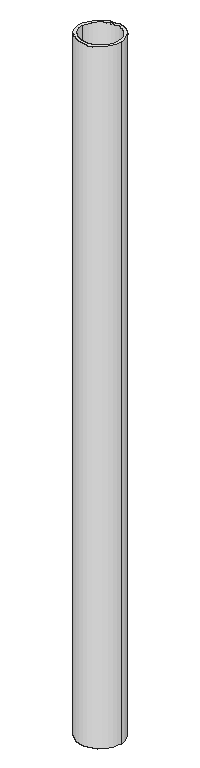
Revit family "CCV-Corte circular vazado-Coluna", category Pilares estruturais, Revit 2019
Family settings
  Forma do corte = Não definido
  Material para o comportamento do modelo = Aço
  Exportar sempre como geometria = Não
  Redução da viga na planta = Da geometria
  Número OmniClass = 23.25.30.11.14.11
  Título OmniClass = Columns
  ID de item do Seek = CHS-Circular Hollow Section-Column-0000-CAN-ENU
  Corte com vazios quando carregada = Não
  Representação simbólica = Das configurações de projeto
  Compartilhado = Não
  Exibir o pré-corte da família na vista da planta = Sim
Parameters (values of type "168.3x10CHS")
  W = 0
  Structural Material [instance] = Aço, 45-345
  Assembly Code = ""
  D = 168.3 mm
  Ix = 1564
  M = 39
  Zx = 186
  t = 10 mm
  A = 0.005 m²
Reference planes
  plane 1 "Centro (Frente/Trás)": y = 0
  plane 2: z = 0
  plane 3 "Centro (Esquerda/Direita)": x = 0
  plane 4: x = -84.15
  plane 5: x = 84.15
  plane 6: y = 84.15
  plane 7: y = -84.15
  plane 8: x = -74.15
  plane 9: x = 74.15
Forms (mm)
  Extrusion 1, solid, material "Aço, 45-345" <- "Structural Material", detail levels medium+fine
    sketch origin (0, 0, 0) x (1, 0, 0) y (0, 1, 0)
      loop
        circle (0, 0) r 84.15
      loop
        circle (0, 0) r 74.15
    from 0 to 2500
Lines and regions (mm)
  symbolic lines, style "StructuralColumnStickSymbols", detail levels coarse
    curve 1: arc (-84.15, 0, 0) -> (0, -84.15, 0) -> (84.15, 0, 0) r 84.15
    curve 2: arc (84.15, 0, 0) -> (0, 84.15, 0) -> (-84.15, 0, 0) r 84.15
Dimensions and locks
  equal spacing: plane 4, plane 3 "Centro (Esquerda/Direita)", plane 5
  equal spacing: plane 7, plane 1 "Centro (Frente/Trás)", plane 6
  "D": plane 7 to plane 6
  "D": plane 4 to plane 5
  "t": plane 4 to plane 8
  "t": plane 9 to plane 5
  aligned and locked: level to Extrusion 1
  aligned and locked: level to plane 2
  aligned and locked: Extrusion 1 to plane 2
  aligned and locked: curve 1 to Extrusion 1
Automatic sketch dimensions
  Extrusion 1 sketch curve to plane 1 "Centro (Frente/Trás)" = 0 mm  (x2)
  Extrusion 1 sketch curve to plane 4 = 0 mm
  Extrusion 1 sketch curve to plane 8 = 0 mm
  Extrusion 1 sketch curve to plane 3 "Centro (Esquerda/Direita)" = 0 mm  (x2)
Types in the file's own list only (162): name | D | Ix | M | Zx | t | A
  21.3x3.2CHS | 21 mm | 0.768 | 1.43 | 0.722 | 3 mm | 0.00 m²
  26.9x3.2CHS | 27 mm | 1.7 | 1.87 | 1.27 | 3 mm | 0.00 m²
  33.7x3CHS | 34 mm | 3.44 | 2.27 | 2.04 | 3 mm | 0.00 m²
  33.7x3.2CHS | 34 mm | 3.6 | 2.41 | 2.14 | 3 mm | 0.00 m²
  33.7x3.6CHS | 34 mm | 3.91 | 2.67 | 2.32 | 4 mm | 0.00 m²
  33.7x4CHS | 34 mm | 4.19 | 2.93 | 2.49 | 4 mm | 0.00 m²
  42.4x3CHS | 42 mm | 7.25 | 2.91 | 3.42 | 3 mm | 0.00 m²
  42.4x3.2CHS | 42 mm | 7.62 | 3.09 | 3.59 | 3 mm | 0.00 m²
  42.4x3.6CHS | 42 mm | 8.33 | 3.44 | 3.93 | 4 mm | 0.00 m²
  42.4x4CHS | 42 mm | 8.99 | 3.79 | 4.24 | 4 mm | 0.00 m²
  48.3x2.5CHS | 48 mm | 9.46 | 2.82 | 3.92 | 3 mm | 0.00 m²
  48.3x3CHS | 48 mm | 11 | 3.35 | 4.55 | 3 mm | 0.00 m²
  48.3x3.2CHS | 48 mm | 11.6 | 3.56 | 4.8 | 3 mm | 0.00 m²
  48.3x3.6CHS | 48 mm | 12.7 | 3.97 | 5.26 | 4 mm | 0.00 m²
  48.3x4CHS | 48 mm | 13.8 | 4.37 | 5.7 | 4 mm | 0.00 m²
  48.3x5CHS | 48 mm | 16.2 | 5.34 | 6.69 | 5 mm | 0.00 m²
  60.3x2.5CHS | 60 mm | 19 | 3.56 | 6.3 | 3 mm | 0.00 m²
  60.3x3CHS | 60 mm | 22.2 | 4.24 | 7.37 | 3 mm | 0.00 m²
  60.3x3.2CHS | 60 mm | 23.5 | 4.51 | 7.78 | 3 mm | 0.00 m²
  60.3x3.6CHS | 60 mm | 25.9 | 5.03 | 8.58 | 4 mm | 0.00 m²
  60.3x4CHS | 60 mm | 28.2 | 5.55 | 9.34 | 4 mm | 0.00 m²
  60.3x5CHS | 60 mm | 33.5 | 6.82 | 11.1 | 5 mm | 0.00 m²
  76.1x2.5CHS | 76 mm | 39.2 | 4.54 | 10.3 | 3 mm | 0.00 m²
  76.1x3CHS | 76 mm | 46.1 | 5.41 | 12.1 | 3 mm | 0.00 m²
  76.1x3.2CHS | 76 mm | 48.8 | 5.75 | 12.8 | 3 mm | 0.00 m²
  76.1x3.6CHS | 76 mm | 54 | 6.44 | 14.2 | 4 mm | 0.00 m²
  76.1x4CHS | 76 mm | 59.1 | 7.11 | 15.5 | 4 mm | 0.00 m²
  76.1x5CHS | 76 mm | 70.9 | 8.77 | 18.6 | 5 mm | 0.00 m²
  76.1x6CHS | 76 mm | 81.8 | 10.4 | 21.5 | 6 mm | 0.00 m²
  76.1x6.3CHS | 76 mm | 84.8 | 10.8 | 22.3 | 6 mm | 0.00 m²
  88.9x2.5CHS | 89 mm | 63.4 | 5.33 | 14.3 | 3 mm | 0.00 m²
  88.9x3CHS | 89 mm | 74.8 | 6.36 | 16.8 | 3 mm | 0.00 m²
  88.9x3.2CHS | 89 mm | 79.2 | 6.76 | 17.8 | 3 mm | 0.00 m²
  88.9x3.6CHS | 89 mm | 87.9 | 7.57 | 19.8 | 4 mm | 0.00 m²
  88.9x4CHS | 89 mm | 96.3 | 8.38 | 21.7 | 4 mm | 0.00 m²
  88.9x5CHS | 89 mm | 116 | 10.3 | 26.2 | 5 mm | 0.00 m²
  88.9x6CHS | 89 mm | 135 | 12.3 | 30.4 | 6 mm | 0.00 m²
  88.9x6.3CHS | 89 mm | 140 | 12.8 | 31.5 | 6 mm | 0.00 m²
  114.3x3CHS | 114 mm | 163 | 8.23 | 28.4 | 3 mm | 0.00 m²
  114.3x3.2CHS | 114 mm | 172 | 8.77 | 30.2 | 3 mm | 0.00 m²
  114.3x3.6CHS | 114 mm | 192 | 9.83 | 33.6 | 4 mm | 0.00 m²
  114.3x4CHS | 114 mm | 211 | 10.9 | 36.9 | 4 mm | 0.00 m²
  114.3x5CHS | 114 mm | 257 | 13.5 | 45 | 5 mm | 0.00 m²
  114.3x6CHS | 114 mm | 300 | 16 | 52.5 | 6 mm | 0.00 m²
  114.3x6.3CHS | 114 mm | 313 | 16.8 | 54.7 | 6 mm | 0.00 m²
  139.7x3.2CHS | 140 mm | 320 | 10.8 | 45.8 | 3 mm | 0.00 m²
  139.7x3.6CHS | 140 mm | 357 | 12.1 | 51.1 | 4 mm | 0.00 m²
  139.7x4CHS | 140 mm | 393 | 13.4 | 56.2 | 4 mm | 0.00 m²
  139.7x5CHS | 140 mm | 481 | 16.6 | 68.8 | 5 mm | 0.00 m²
  139.7x6CHS | 140 mm | 564 | 19.8 | 80.8 | 6 mm | 0.00 m²
  139.7x6.3CHS | 140 mm | 589 | 20.7 | 84.3 | 6 mm | 0.00 m²
  139.7x8CHS | 140 mm | 720 | 26 | 103 | 8 mm | 0.00 m²
  139.7x10CHS | 140 mm | 862 | 32 | 123 | 10 mm | 0.00 m²
  168.3x3.2CHS | 168 mm | 566 | 13 | 67.2 | 3 mm | 0.00 m²
  168.3x3.6CHS | 168 mm | 632 | 14.6 | 75.1 | 4 mm | 0.00 m²
  168.3x4CHS | 168 mm | 697 | 16.2 | 82.8 | 4 mm | 0.00 m²
  168.3x5CHS | 168 mm | 856 | 20.1 | 102 | 5 mm | 0.00 m²
  168.3x6CHS | 168 mm | 1009 | 24 | 120 | 6 mm | 0.00 m²
  168.3x6.3CHS | 168 mm | 1053 | 25.2 | 125 | 6 mm | 0.00 m²
  168.3x8CHS | 168 mm | 1297 | 31.6 | 154 | 8 mm | 0.00 m²
  168.3x12CHS | 168 mm | 1810 | 46.3 | 215 | 12 mm | 0.01 m²
  168.3x12.5CHS | 168 mm | 1868 | 48 | 222 | 13 mm | 0.01 m²
  193.7x5CHS | 194 mm | 1320 | 23.3 | 136 | 5 mm | 0.00 m²
  193.7x6CHS | 194 mm | 1560 | 27.8 | 161 | 6 mm | 0.00 m²
  193.7x6.3CHS | 194 mm | 1630 | 29.1 | 168 | 6 mm | 0.00 m²
  193.7x8CHS | 194 mm | 2016 | 36.6 | 208 | 8 mm | 0.00 m²
  193.7x10CHS | 194 mm | 2442 | 45.3 | 252 | 10 mm | 0.01 m²
  193.7x12CHS | 194 mm | 2839 | 53.8 | 293 | 12 mm | 0.01 m²
  193.7x12.5CHS | 194 mm | 2934 | 55.9 | 303 | 13 mm | 0.01 m²
  193.7x16CHS | 194 mm | 3554 | 70.1 | 367 | 16 mm | 0.01 m²
  219.1x5CHS | 219 mm | 1928 | 26.4 | 176 | 5 mm | 0.00 m²
  219.1x6CHS | 219 mm | 2282 | 31.5 | 208 | 6 mm | 0.00 m²
  219.1x6.3CHS | 219 mm | 2386 | 33.1 | 218 | 6 mm | 0.00 m²
  219.1x8CHS | 219 mm | 2960 | 41.6 | 270 | 8 mm | 0.01 m²
  219.1x10CHS | 219 mm | 3598 | 51.6 | 328 | 10 mm | 0.01 m²
  219.1x12CHS | 219 mm | 4200 | 61.3 | 383 | 12 mm | 0.01 m²
  219.1x12.5CHS | 219 mm | 4345 | 63.7 | 397 | 13 mm | 0.01 m²
  219.1x16CHS | 219 mm | 5297 | 80.1 | 483 | 16 mm | 0.01 m²
  219.1x20CHS | 219 mm | 6261 | 98.2 | 572 | 20 mm | 0.01 m²
  244.5x5CHS | 245 mm | 2699 | 29.5 | 221 | 5 mm | 0.00 m²
  244.5x6CHS | 245 mm | 3199 | 35.3 | 262 | 6 mm | 0.00 m²
  244.5x6.3CHS | 245 mm | 3346 | 37 | 274 | 6 mm | 0.00 m²
  244.5x8CHS | 245 mm | 4160 | 46.7 | 340 | 8 mm | 0.01 m²
  244.5x10CHS | 245 mm | 5073 | 57.8 | 415 | 10 mm | 0.01 m²
  244.5x12CHS | 245 mm | 5938 | 68.8 | 486 | 12 mm | 0.01 m²
  244.5x12.5CHS | 245 mm | 6147 | 71.5 | 503 | 13 mm | 0.01 m²
  244.5x16CHS | 245 mm | 7533 | 90.2 | 616 | 16 mm | 0.01 m²
  244.5x20CHS | 245 mm | 8957 | 111 | 733 | 20 mm | 0.01 m²
  244.5x25CHS | 245 mm | 10520 | 135 | 860 | 25 mm | 0.02 m²
  273x5CHS | 273 mm | 3781 | 33 | 277 | 5 mm | 0.00 m²
  273x6CHS | 273 mm | 4487 | 39.5 | 329 | 6 mm | 0.01 m²
  273x6.3CHS | 273 mm | 4696 | 41.4 | 344 | 6 mm | 0.01 m²
  273x8CHS | 273 mm | 5852 | 52.3 | 429 | 8 mm | 0.01 m²
  273x10CHS | 273 mm | 7154 | 64.9 | 524 | 10 mm | 0.01 m²
  273x12CHS | 273 mm | 8396 | 77.2 | 615 | 12 mm | 0.01 m²
  273x12.5CHS | 273 mm | 8697 | 80.3 | 637 | 13 mm | 0.01 m²
  273x16CHS | 273 mm | 10710 | 101 | 784 | 16 mm | 0.01 m²
  273x20CHS | 273 mm | 12800 | 125 | 938 | 20 mm | 0.02 m²
  273x25CHS | 273 mm | 15130 | 153 | 1108 | 25 mm | 0.02 m²
  323.9x5CHS | 324 mm | 6369 | 39.3 | 393 | 5 mm | 0.01 m²
  323.9x6CHS | 324 mm | 7572 | 47 | 468 | 6 mm | 0.01 m²
  323.9x6.3CHS | 324 mm | 7929 | 49.3 | 490 | 6 mm | 0.01 m²
  323.9x8CHS | 324 mm | 9910 | 62.3 | 612 | 8 mm | 0.01 m²
  323.9x10CHS | 324 mm | 12160 | 77.4 | 751 | 10 mm | 0.01 m²
  323.9x12CHS | 324 mm | 14320 | 92.3 | 884 | 12 mm | 0.01 m²
  323.9x12.5CHS | 324 mm | 14850 | 96 | 917 | 13 mm | 0.01 m²
  323.9x16CHS | 324 mm | 18390 | 121 | 1136 | 16 mm | 0.02 m²
  323.9x20CHS | 324 mm | 22140 | 150 | 1367 | 20 mm | 0.02 m²
  323.9x25CHS | 324 mm | 26400 | 184 | 1630 | 25 mm | 0.02 m²
  355.6x6.3CHS | 356 mm | 10550 | 54.3 | 593 | 6 mm | 0.01 m²
  355.6x8CHS | 356 mm | 13200 | 68.6 | 742 | 8 mm | 0.01 m²
  355.6x10CHS | 356 mm | 16220 | 85.2 | 912 | 10 mm | 0.01 m²
  355.6x12CHS | 356 mm | 19140 | 102 | 1076 | 12 mm | 0.01 m²
  355.6x12.5CHS | 356 mm | 19850 | 106 | 1117 | 13 mm | 0.01 m²
  355.6x16CHS | 356 mm | 24660 | 134 | 1387 | 16 mm | 0.02 m²
  355.6x20CHS | 356 mm | 29790 | 166 | 1676 | 20 mm | 0.02 m²
  355.6x25CHS | 356 mm | 35680 | 204 | 2007 | 25 mm | 0.03 m²
  406.4x6.3CHS | 406 mm | 15850 | 62.2 | 780 | 6 mm | 0.01 m²
  406.4x8CHS | 406 mm | 19870 | 78.6 | 978 | 8 mm | 0.01 m²
  406.4x10CHS | 406 mm | 24480 | 97.8 | 1205 | 10 mm | 0.01 m²
  406.4x12CHS | 406 mm | 28940 | 117 | 1424 | 12 mm | 0.01 m²
  406.4x12.5CHS | 406 mm | 30030 | 121 | 1478 | 13 mm | 0.02 m²
  406.4x16CHS | 406 mm | 37450 | 154 | 1843 | 16 mm | 0.02 m²
  406.4x20CHS | 406 mm | 45430 | 191 | 2236 | 20 mm | 0.02 m²
  406.4x25CHS | 406 mm | 54700 | 235 | 2692 | 25 mm | 0.03 m²
  406.4x32CHS | 406 mm | 66430 | 295 | 3269 | 32 mm | 0.04 m²
  457x6.3CHS | 457 mm | 22650 | 70 | 991 | 6 mm | 0.01 m²
  457x8CHS | 457 mm | 28450 | 88.6 | 1245 | 8 mm | 0.01 m²
  457x10CHS | 457 mm | 35090 | 110 | 1536 | 10 mm | 0.01 m²
  457x12CHS | 457 mm | 41560 | 132 | 1819 | 12 mm | 0.02 m²
  457x12.5CHS | 457 mm | 43140 | 137 | 1888 | 13 mm | 0.02 m²
  457x16CHS | 457 mm | 53960 | 174 | 2361 | 16 mm | 0.02 m²
  457x20CHS | 457 mm | 65680 | 216 | 2874 | 20 mm | 0.03 m²
  457x25CHS | 457 mm | 79420 | 266 | 3475 | 25 mm | 0.03 m²
  457x32CHS | 457 mm | 97010 | 335 | 4246 | 32 mm | 0.04 m²
  457x40CHS | 457 mm | 114900 | 411 | 5031 | 40 mm | 0.05 m²
  508x6.3CHS | 508 mm | 31250 | 77.9 | 1230 | 6 mm | 0.01 m²
  508x8CHS | 508 mm | 39280 | 98.6 | 1546 | 8 mm | 0.01 m²
  508x10CHS | 508 mm | 48520 | 123 | 1910 | 10 mm | 0.02 m²
  508x12CHS | 508 mm | 57540 | 147 | 2265 | 12 mm | 0.02 m²
  508x12.5CHS | 508 mm | 59760 | 153 | 2353 | 13 mm | 0.02 m²
  508x16CHS | 508 mm | 74910 | 194 | 2949 | 16 mm | 0.02 m²
  508x20CHS | 508 mm | 91430 | 241 | 3600 | 20 mm | 0.03 m²
  508x25CHS | 508 mm | 110900 | 298 | 4367 | 25 mm | 0.04 m²
  508x32CHS | 508 mm | 136100 | 376 | 5360 | 32 mm | 0.05 m²
  508x40CHS | 508 mm | 162200 | 462 | 6385 | 40 mm | 0.06 m²
  508x50CHS | 508 mm | 190900 | 565 | 7515 | 50 mm | 0.07 m²
  559x20CHS | 559 mm | 123200 | 266 | 4406 | 20 mm | 0.03 m²
  559x25CHS | 559 mm | 149800 | 329 | 5360 | 25 mm | 0.04 m²
  559x32CHS | 559 mm | 184600 | 416 | 6605 | 32 mm | 0.05 m²
  559x40CHS | 559 mm | 220900 | 512 | 7903 | 40 mm | 0.07 m²
  559x50CHS | 559 mm | 261400 | 628 | 9353 | 50 mm | 0.08 m²
  610x20CHS | 610 mm | 161500 | 291 | 5295 | 20 mm | 0.04 m²
  610x25CHS | 610 mm | 196900 | 361 | 6456 | 25 mm | 0.05 m²
  610x32CHS | 610 mm | 243400 | 456 | 7980 | 32 mm | 0.06 m²
  610x40CHS | 610 mm | 292300 | 562 | 9585 | 40 mm | 0.07 m²
  610x50CHS | 610 mm | 347600 | 691 | 11400 | 50 mm | 0.09 m²
  660x20CHS | 660 mm | 206100 | 316 | 6245 | 20 mm | 0.04 m²
  660x25CHS | 660 mm | 251800 | 392 | 7629 | 25 mm | 0.05 m²
  660x32CHS | 660 mm | 312000 | 496 | 9456 | 32 mm | 0.06 m²
  660x40CHS | 660 mm | 375900 | 612 | 11390 | 40 mm | 0.08 m²
  660x50CHS | 660 mm | 448700 | 752 | 13600 | 50 mm | 0.10 m²
